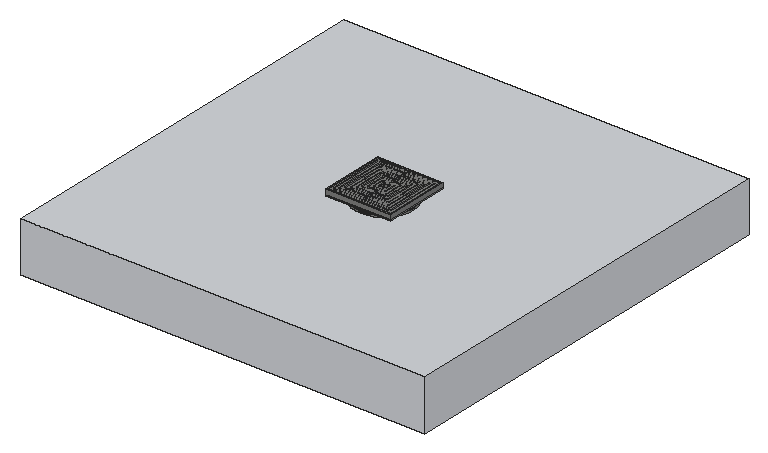
Revit family
Parameters (values of type "8"")
  Strainer Adjustment = 2.460"
  Roof Drain Material = Roof Drain
  Nominal Radius = 4.000"
  Nominal Diameter = Nominal Radius * 2  # 8.000"
  Model = "R1200-P15"
  Manufacturer = "MIFAB"
  Keynote = "WWW.MIFAB.COM"
  Description = "ROOF DRAIN"
  Default Elevation = 48.000"
  Body Height = 5.875"
Types (7): name | Nominal Radius | Nominal Diameter | Body Height
  (no name) | 4.000" | 8.000" | 5.875"
  2" | 1.000" | 2.000" | 5.437"
  3" | 1.500" | 3.000" | 5.437"
  4" | 2.000" | 4.000" | 5.437"
  5" | 2.500" | 5.000" | 5.437"
  6" | 3.000" | 6.000" | 5.875"
  8" | 4.000" | 8.000" | 5.875"
Reference planes (in)
  plane 1 "Center (Front/Back)": y = 0
  plane 2: z = 0
  plane 3 "Center (Left/Right)": x = 0
  plane 4: x = -7.75
  plane 5: x = 7.75
  plane 6: y = -7.75
  plane 7: y = 7.75
  plane 8: z = -5.875
  plane 9: x = -4
  plane 10: x = 4
  plane 11: z = 0.34444
  plane 12: z = 0.55111
  plane 13: z = 0.7873
  plane 14: z = 0.29524
  plane 15: z = 2.75524
  plane 16: z = 1.5746
  plane 17: y = 7.504
  plane 18: y = -7.504
  plane 19: x = 7.504
  plane 20: x = -7.504
Forms (in)
  Extrusion 1, solid
    sketch origin (0, 0, 0) x (1, 0, 0) y (0, 1, 0)
      loop
        line (-48, 48) -> (-48, -48) -> (48, -48) -> (48, 48) -> (-48, 48)
    from 0 to -12
  Revolve 2, solid, material "Roof Drain" <- "Roof Drain Material"
    sketch origin (0, 0, 0) x (1, 0, 0) y (0, 0, 1)
      loop
        line (-4.14875, -4.38897) -> (-4.27086, 0) -> (-6.5746, 0) -> (-6.5746, -0.25587) -> (-5, -0.25587) -> (-4.98089, -0.88571) -> (-4.39161, -0.88571) -> (-4.28861, -4.64484) -> (-4.19683, -4.64484) -> (-4.19683, -5.875) -> (-4, -5.875) -> (-4, -4.38897) -> (-4.14875, -4.38897)
      axis (0, 0) -> (0, -5.875)
    angle from 0 to 360
  Revolve 3, solid, material "Roof Drain" <- "Roof Drain Material"
    sketch origin (0, 0, 0) x (1, 0, 0) y (0, 0, 1)
      loop
        line (-7.01746, 0.34444) -> (-7.01746, 0) -> (-4.62048, 0) -> (-4.62048, 0.34444) -> (-6.45651, 0.34444) -> (-6.45651, 0.55111) -> (-6.01365, 0.55111) -> (-6.01365, 0.7873) -> (-6.77143, 0.7873) -> (-6.77143, 0.34444) -> (-7.01746, 0.34444)
      axis (0, 0.7873) -> (0, 0)
    angle from 0 to 360
  Revolve 4, solid, material "Roof Drain" <- "Roof Drain Material"
    sketch origin (0, 0, 0) x (1, 0, 0) y (0, 0, 1)
      loop
        line (-3.62222, -3.14921) -> (-3.62222, 0.43869) -> (-4.40952, 0.43869) -> (-4.40952, 0.8005) -> (-6.91396, 1.5746) -> (-7.75, 1.5746) -> (-7.75, 1.37778) -> (-7.11032, 1.37778) -> (-4.77857, 0.65706) -> (-4.77857, 0.29524) -> (-4.06508, 0.29524) -> (-4.06508, -3.14921) -> (-3.62222, -3.14921)
      axis (0, 1.5746) -> (0, -3.14921)
    angle from 0 to 360
  Extrusion 5, solid, material "Roof Drain" <- "Roof Drain Material"
    sketch origin (-7.50397, -180, 1.5746) x (-1, 0, 0) y (0, -1, 0)
      loop
        line (0.24603, -187.75) -> (0.24603, -180)
        arc (0.24603, -180) -> (-2.02389, -185.48008) -> (-7.50397, -187.75) r 7.75
        line (-7.50397, -187.75) -> (0.24603, -187.75)
      loop
        line (-7.50397, -172.25) -> (-15.25397, -172.25) -> (-15.25397, -180)
        arc (-15.25397, -180) -> (-12.98405, -174.51992) -> (-7.50397, -172.25) r 7.75
    from 0 to -0.197
  Extrusion 6, solid, material "Roof Drain" <- "Roof Drain Material"
    sketch origin (-7.50397, -180, 1.5746) x (-1, 0, 0) y (0, -1, 0)
      loop
        line (0.24603, -180) -> (0.24603, -172.25) -> (-7.50397, -172.25)
        arc (-7.50397, -172.25) -> (-2.02389, -174.51992) -> (0.24603, -180) r 7.75
      loop
        arc (-7.50397, -187.75) -> (-12.98405, -185.48008) -> (-15.25397, -180) r 7.75
        line (-15.25397, -180) -> (-15.25397, -187.75) -> (-7.50397, -187.75)
    from 0 to -0.197
  Extrusion 7, solid, material "Roof Drain" <- "Roof Drain Material"
    sketch origin (0, 0, 0) x (1, 0, 0) y (0, 1, 0)
      loop
        line (-7.75, 7.75) -> (-7.75, -7.75) -> (7.75, -7.75) -> (7.75, 7.75) -> (-7.75, 7.75)
      loop
        line (-7.504, 7.504) -> (-7.504, -7.504) -> (7.504, -7.504) -> (7.504, 7.504) -> (-7.504, 7.504)
    from 1.5746 to 2.75524
  Extrusion 8, solid, material "Roof Drain" <- "Roof Drain Material"
    sketch origin (0, 0, 0) x (1, 0, 0) y (0, 1, 0)
      loop
        line (-7.504, 7.504) -> (-7.504, -7.504) -> (7.504, -7.504) -> (7.504, 7.504) -> (-7.504, 7.504)
      loop
        line (7.209, 7.209) -> (-7.209, 7.209) -> (-7.209, -7.209) -> (7.209, -7.209) -> (7.209, 7.209)
    from 1.5746 to 2.06667
Cuts and joins
  joined: Revolve 4, Extrusion 5, Extrusion 6
Lines and regions (in)
  symbolic lines
    curve 1: line (-7.75, 7.75, 0) -> (7.75, 7.75, 0)
    curve 2: line (-7.75, 7.75, 0) -> (-7.75, -7.75, 0)
    curve 3: line (-7.504, 7.504, 0) -> (-7.504, -7.504, 0)
    curve 4: line (-7.504, 7.504, 0) -> (7.504, 7.504, 0)
    curve 5: line (-7.75, -7.75, 0) -> (7.75, -7.75, 0)
    curve 6: line (-7.504, -7.504, 0) -> (7.504, -7.504, 0)
    curve 7: line (7.75, 7.75, 0) -> (7.75, -7.75, 0)
    curve 8: line (7.504, 7.504, 0) -> (7.504, -7.504, 0)
Dimensions and locks (in)
  plane 4 to plane 3 "Center (Left/Right)" to plane 5 = 7.750" locked, 7.750" locked
  plane 6 to plane 1 "Center (Front/Back)" to plane 7 = 7.750" locked, 7.750" locked
  equal spacing: plane 9, plane 3 "Center (Left/Right)", plane 10
  "Nominal Diameter": plane 9 to plane 10
  Revolve 2 sketch curve to Revolve 2 sketch curve to plane 8 = 0.25587" locked, 1.23016" locked
  plane 3 "Center (Left/Right)" to Revolve 2 sketch curve to Revolve 2 sketch curve to Revolve 2 sketch curve to Revolve 2 sketch curve to Revolve 2 sketch curve to Revolve 2 sketch curve to Revolve 2 sketch curve = 4.14875" locked, 0.12211" locked, 0.01775" locked, 0.103" locked, 0.58928" locked, 0.01911" locked, 1.5746" locked
  locked: plane 9 to Revolve 2 sketch curve at 0.19683
  plane 13 to plane 12 to plane 11 to level = 0.23619" locked, 0.20667" locked, 0.34444" locked
  plane 3 "Center (Left/Right)" to Revolve 3 sketch curve to Revolve 3 sketch curve to Revolve 3 sketch curve to Revolve 3 sketch curve to Revolve 3 sketch curve = 4.62048" locked, 1.39317" locked, 0.44286" locked, 0.31492" locked, 0.24603" locked
  locked: level to Revolve 4 sketch curve at 3.14921
  locked: plane 16 to Revolve 4 sketch curve at 0.19683
  plane 3 "Center (Left/Right)" to Revolve 4 sketch curve to Revolve 4 sketch curve to Revolve 4 sketch curve to Revolve 4 sketch curve = 3.62222" locked, 0.44286" locked, 0.34444" locked, 0.36905" locked
  Revolve 4 sketch curve to Revolve 4 sketch curve to plane 4 = 0.19635" locked, 0.63968" locked
  "Strainer Adjustment": plane 15 to plane 14
  locked: plane 15 to plane 16 at 1.18063
  locked: plane 14 to level at 0.29524
  locked: plane 7 to plane 17 at 0.246
  locked: plane 18 to plane 6 at 0.246
  locked: plane 4 to plane 20 at 0.246
  locked: plane 19 to plane 5 at 0.246
  locked: plane 15 to nested 1 at 0.68857
  locked: plane 17 to Extrusion 8 sketch curve at 0.295
  locked: plane 18 to Extrusion 8 sketch curve at 0.295
  locked: plane 20 to Extrusion 8 sketch curve at 0.295
  locked: Extrusion 8 sketch curve to plane 19 at 0.295
  "Body Height": level to plane 8
  aligned and locked: plane 2 to Extrusion 1
  aligned and locked: level to Extrusion 1
  aligned and locked: Revolve 2 sketch curve to level
  aligned and locked: plane 9 to Revolve 2 sketch curve
  aligned and locked: Revolve 2 sketch curve to plane 8
  aligned and locked: Revolve 2 sketch curve to plane 3 "Center (Left/Right)"
  aligned and locked: level to Revolve 3 sketch curve
  aligned and locked: Revolve 3 sketch curve to plane 11  (x2)
  aligned and locked: plane 12 to Revolve 3 sketch curve
  aligned and locked: Revolve 3 sketch curve to plane 13
  aligned and locked: Revolve 3 sketch curve to plane 3 "Center (Left/Right)"
  aligned and locked: Revolve 4 sketch curve to plane 14
  aligned and locked: Revolve 4 sketch curve to plane 3 "Center (Left/Right)"
  aligned and locked: plane 7 to Extrusion 5 sketch curve
  aligned and locked: Extrusion 5 sketch curve to plane 4
  aligned and locked: Extrusion 5 sketch curve to Revolve 4  (x2)
  aligned and locked: Extrusion 5 sketch curve to plane 6
  aligned: plane 16 to Extrusion 5
  aligned and locked: Extrusion 6 sketch curve to Revolve 4  (x2)
  aligned and locked: Extrusion 6 sketch curve to plane 6
  aligned and locked: plane 7 to Extrusion 6 sketch curve
  aligned and locked: plane 5 to Extrusion 6 sketch curve
  aligned and locked: plane 7 to Extrusion 7 sketch curve
  aligned and locked: Extrusion 7 sketch curve to plane 4
  aligned and locked: plane 20 to Extrusion 7 sketch curve
  aligned and locked: Extrusion 7 sketch curve to plane 17
  aligned and locked: Extrusion 7 sketch curve to plane 19
  aligned and locked: plane 5 to Extrusion 7 sketch curve
  aligned and locked: plane 18 to Extrusion 7 sketch curve
  aligned and locked: Extrusion 7 sketch curve to plane 6
  aligned and locked: Extrusion 7 to plane 16
  aligned and locked: plane 15 to Extrusion 7
  aligned and locked: plane 3 "Center (Left/Right)" to nested 1
  aligned and locked: plane 1 "Center (Front/Back)" to nested 1
  aligned and locked: plane 20 to Extrusion 8 sketch curve
  aligned and locked: Extrusion 8 sketch curve to plane 17
  aligned and locked: Extrusion 8 sketch curve to plane 19
  aligned and locked: plane 18 to Extrusion 8 sketch curve
  aligned and locked: Extrusion 8 to plane 16
  aligned and locked: Extrusion 8 to nested 1
  aligned and locked: plane 7 to curve 1
  aligned and locked: curve 2 to plane 4
  aligned and locked: plane 20 to curve 3
  aligned and locked: curve 4 to plane 17
  aligned and locked: curve 5 to plane 6
  aligned and locked: plane 18 to curve 6
  aligned and locked: plane 5 to curve 7
  aligned and locked: curve 8 to plane 19
Automatic sketch dimensions
  Extrusion 1 sketch curve to Extrusion 1 sketch curve = 96.000"  (x2)
  Revolve 2 sketch curve to level = 0.25587"
  Revolve 2 sketch curve to Revolve 2 sketch curve = 0.62984"
  Revolve 2 sketch curve to plane 8 = 18.48889"
  level to Revolve 2 sketch curve = 102.71882"
  Revolve 3 sketch curve to plane 8 = 18.48889"
  plane 13 to Revolve 3 sketch curve = 101.93152"
  Revolve 4 sketch curve to plane 4 = 0.000"
  Revolve 4 sketch curve to plane 16 = 0.000"
  plane 12 to Revolve 4 sketch curve = 0.10595"
  plane 11 to Revolve 4 sketch curve = 0.09424"
  plane 13 to Revolve 4 sketch curve = 0.0132"
  Revolve 4 sketch curve to plane 8 = 18.48889"
  plane 15 to Revolve 4 sketch curve = 99.96327"
  Extrusion 5 sketch curve to plane 3 "Center (Left/Right)" = 0.000"
  plane 1 "Center (Front/Back)" to Extrusion 5 sketch curve = 0.000"
  Extrusion 6 sketch curve to plane 3 "Center (Left/Right)" = 0.000"  (x2)
  Extrusion 6 sketch curve to plane 4 = 0.000"
  plane 1 "Center (Front/Back)" to Extrusion 6 sketch curve = 0.000"  (x2)
Nested families (in)
  nested 1: "Family4" at (0, 0, 2.06667), type "Family4"
Connectors (in)
  piping at (0, 0, -5.875), driven by "Nominal Radius"
    settings: on Revolve 2, index 1, connector radius 4", flow factor 0, pipe flow 0 GPM, pressure drop 0.00 psi, fitting loss kfactor 0, connector angle 0.00°, fixture units 0, flow configuration 0, flow direction 0, fitting loss method 0, system type 7, connector reference index -1, connector utility 0, adjustable connector no, is connector primary yes, fitting loss table "", connector description ""
Definition of nested family "Family4"
  Parameters (values of type "Family4")
    Thickness = 0.640"
    Material = none
    Assembly Code = ""
  Reference planes (in)
    plane 1 "Center (Front/Back)": y = 0
    plane 2: z = 0
    plane 3 "Center (Left/Right)": x = 0
    plane 4: y = 7.50391
    plane 5: y = -7.50391
    plane 6: x = 7.50391
    plane 7: x = -7.50391
  Forms (in)
    Extrusion 1, solid, material <- "Material"
      sketch origin (0, 0, 0) x (1, 0, 0) y (0, 1, 0)
        loop
          line (-7.50391, 7.50391) -> (-7.50391, -7.50391) -> (7.50391, -7.50391) -> (7.50391, 7.50391) -> (-7.50391, 7.50391)
        loop
          line (-0.875, -0.25) -> (-0.875, -0.57322) -> (-0.625, -0.57322) -> (-0.625, -0.875) -> (-0.30178, -0.875) -> (-0.30178, -0.625) -> (0.30178, -0.625) -> (0.30178, -0.875) -> (0.625, -0.875) -> (0.625, -0.57322) -> (0.875, -0.57322) -> (0.875, -0.25) -> (0.625, -0.25) -> (0.625, 0.25) -> (0.875, 0.25) -> (0.875, 0.57322) -> (0.625, 0.57322) -> (0.625, 0.875) -> (0.30178, 0.875) -> (0.30178, 0.625) -> (-0.30178, 0.625) -> (-0.30178, 0.875) -> (-0.625, 0.875) -> (-0.625, 0.57322) -> (-0.875, 0.57322) -> (-0.875, 0.25) -> (-0.625, 0.25) -> (-0.625, -0.25) -> (-0.875, -0.25)
        loop
          line (-2.125, -0.125) -> (-2.375, -0.125) -> (-2.375, -1.94822) -> (-2.125, -1.94822) -> (-2.125, -0.125)
        loop
          line (-2.875, -0.125) -> (-3.125, -0.125) -> (-3.125, -2.69822) -> (-2.875, -2.69822) -> (-2.875, -0.125)
        loop
          line (-3.625, -0.125) -> (-3.875, -0.125) -> (-3.875, -3.44822) -> (-3.625, -3.44822) -> (-3.625, -0.125)
        loop
          line (-4.375, -0.125) -> (-4.625, -0.125) -> (-4.625, -4.19822) -> (-4.375, -4.19822) -> (-4.375, -0.125)
        loop
          line (-5.125, -0.125) -> (-5.375, -0.125) -> (-5.375, -4.94822) -> (-5.125, -4.94822) -> (-5.125, -0.125)
        loop
          line (-5.875, -0.125) -> (-6.125, -0.125) -> (-6.125, -5.69822) -> (-5.875, -5.69822) -> (-5.875, -0.125)
        loop
          line (-6.625, -0.125) -> (-6.875, -0.125) -> (-6.875, -6.44822) -> (-6.625, -6.44822) -> (-6.625, -0.125)
        loop
          line (-1.375, -1.19822) -> (-1.375, 1.19822) -> (-1.625, 1.19822) -> (-1.625, -1.19822) -> (-1.375, -1.19822)
        loop
          line (1.19822, -1.375) -> (-1.19822, -1.375) -> (-1.19822, -1.625) -> (1.19822, -1.625) -> (1.19822, -1.375)
        loop
          line (-0.125, -2.125) -> (-1.94822, -2.125) -> (-1.94822, -2.375) -> (-0.125, -2.375) -> (-0.125, -2.125)
        loop
          line (-0.125, -2.875) -> (-2.69822, -2.875) -> (-2.69822, -3.125) -> (-0.125, -3.125) -> (-0.125, -2.875)
        loop
          line (-0.125, -3.625) -> (-3.44822, -3.625) -> (-3.44822, -3.875) -> (-0.125, -3.875) -> (-0.125, -3.625)
        loop
          line (-0.125, -4.375) -> (-4.19822, -4.375) -> (-4.19822, -4.625) -> (-0.125, -4.625) -> (-0.125, -4.375)
        loop
          line (-0.125, -5.125) -> (-4.94822, -5.125) -> (-4.94822, -5.375) -> (-0.125, -5.375) -> (-0.125, -5.125)
        loop
          line (-0.125, -5.875) -> (-5.69822, -5.875) -> (-5.69822, -6.125) -> (-0.125, -6.125) -> (-0.125, -5.875)
        loop
          line (-0.125, -6.625) -> (-6.44822, -6.625) -> (-6.44822, -6.875) -> (-0.125, -6.875) -> (-0.125, -6.625)
        loop
          line (2.125, -0.125) -> (2.125, -1.94822) -> (2.375, -1.94822) -> (2.375, -0.125) -> (2.125, -0.125)
        loop
          line (2.875, -0.125) -> (2.875, -2.69822) -> (3.125, -2.69822) -> (3.125, -0.125) -> (2.875, -0.125)
        loop
          line (3.625, -0.125) -> (3.625, -3.44822) -> (3.875, -3.44822) -> (3.875, -0.125) -> (3.625, -0.125)
        loop
          line (4.375, -0.125) -> (4.375, -4.19822) -> (4.625, -4.19822) -> (4.625, -0.125) -> (4.375, -0.125)
        loop
          line (5.125, -0.125) -> (5.125, -4.94822) -> (5.375, -4.94822) -> (5.375, -0.125) -> (5.125, -0.125)
        loop
          line (5.875, -0.125) -> (5.875, -5.69822) -> (6.125, -5.69822) -> (6.125, -0.125) -> (5.875, -0.125)
        loop
          line (6.625, -0.125) -> (6.625, -6.44822) -> (6.875, -6.44822) -> (6.875, -0.125) -> (6.625, -0.125)
        loop
          line (1.375, -1.19822) -> (1.625, -1.19822) -> (1.625, 1.19822) -> (1.375, 1.19822) -> (1.375, -1.19822)
        loop
          line (0.125, -2.125) -> (0.125, -2.375) -> (1.94822, -2.375) -> (1.94822, -2.125) -> (0.125, -2.125)
        loop
          line (0.125, -2.875) -> (0.125, -3.125) -> (2.69822, -3.125) -> (2.69822, -2.875) -> (0.125, -2.875)
        loop
          line (0.125, -3.625) -> (0.125, -3.875) -> (3.44822, -3.875) -> (3.44822, -3.625) -> (0.125, -3.625)
        loop
          line (0.125, -4.375) -> (0.125, -4.625) -> (4.19822, -4.625) -> (4.19822, -4.375) -> (0.125, -4.375)
        loop
          line (0.125, -5.125) -> (0.125, -5.375) -> (4.94822, -5.375) -> (4.94822, -5.125) -> (0.125, -5.125)
        loop
          line (0.125, -5.875) -> (0.125, -6.125) -> (5.69822, -6.125) -> (5.69822, -5.875) -> (0.125, -5.875)
        loop
          line (0.125, -6.625) -> (0.125, -6.875) -> (6.44822, -6.875) -> (6.44822, -6.625) -> (0.125, -6.625)
        loop
          line (-2.125, 0.125) -> (-2.125, 1.94822) -> (-2.375, 1.94822) -> (-2.375, 0.125) -> (-2.125, 0.125)
        loop
          line (-2.875, 0.125) -> (-2.875, 2.69822) -> (-3.125, 2.69822) -> (-3.125, 0.125) -> (-2.875, 0.125)
        loop
          line (-3.625, 0.125) -> (-3.625, 3.44822) -> (-3.875, 3.44822) -> (-3.875, 0.125) -> (-3.625, 0.125)
        loop
          line (-4.375, 0.125) -> (-4.375, 4.19822) -> (-4.625, 4.19822) -> (-4.625, 0.125) -> (-4.375, 0.125)
        loop
          line (-5.125, 0.125) -> (-5.125, 4.94822) -> (-5.375, 4.94822) -> (-5.375, 0.125) -> (-5.125, 0.125)
        loop
          line (-5.875, 0.125) -> (-5.875, 5.69822) -> (-6.125, 5.69822) -> (-6.125, 0.125) -> (-5.875, 0.125)
        loop
          line (-6.625, 0.125) -> (-6.625, 6.44822) -> (-6.875, 6.44822) -> (-6.875, 0.125) -> (-6.625, 0.125)
        loop
          line (1.19822, 1.375) -> (1.19822, 1.625) -> (-1.19822, 1.625) -> (-1.19822, 1.375) -> (1.19822, 1.375)
        loop
          line (-0.125, 2.125) -> (-0.125, 2.375) -> (-1.94822, 2.375) -> (-1.94822, 2.125) -> (-0.125, 2.125)
        loop
          line (-0.125, 2.875) -> (-0.125, 3.125) -> (-2.69822, 3.125) -> (-2.69822, 2.875) -> (-0.125, 2.875)
        loop
          line (-0.125, 3.625) -> (-0.125, 3.875) -> (-3.44822, 3.875) -> (-3.44822, 3.625) -> (-0.125, 3.625)
        loop
          line (-0.125, 4.375) -> (-0.125, 4.625) -> (-4.19822, 4.625) -> (-4.19822, 4.375) -> (-0.125, 4.375)
        loop
          line (-0.125, 5.125) -> (-0.125, 5.375) -> (-4.94822, 5.375) -> (-4.94822, 5.125) -> (-0.125, 5.125)
        loop
          line (-0.125, 5.875) -> (-0.125, 6.125) -> (-5.69822, 6.125) -> (-5.69822, 5.875) -> (-0.125, 5.875)
        loop
          line (-0.125, 6.625) -> (-0.125, 6.875) -> (-6.44822, 6.875) -> (-6.44822, 6.625) -> (-0.125, 6.625)
        loop
          line (2.125, 0.125) -> (2.375, 0.125) -> (2.375, 1.94822) -> (2.125, 1.94822) -> (2.125, 0.125)
        loop
          line (2.875, 0.125) -> (3.125, 0.125) -> (3.125, 2.69822) -> (2.875, 2.69822) -> (2.875, 0.125)
        loop
          line (3.625, 0.125) -> (3.875, 0.125) -> (3.875, 3.44822) -> (3.625, 3.44822) -> (3.625, 0.125)
        loop
          line (4.375, 0.125) -> (4.625, 0.125) -> (4.625, 4.19822) -> (4.375, 4.19822) -> (4.375, 0.125)
        loop
          line (5.125, 0.125) -> (5.375, 0.125) -> (5.375, 4.94822) -> (5.125, 4.94822) -> (5.125, 0.125)
        loop
          line (5.875, 0.125) -> (6.125, 0.125) -> (6.125, 5.69822) -> (5.875, 5.69822) -> (5.875, 0.125)
        loop
          line (6.625, 0.125) -> (6.875, 0.125) -> (6.875, 6.44822) -> (6.625, 6.44822) -> (6.625, 0.125)
        loop
          line (0.125, 2.125) -> (1.94822, 2.125) -> (1.94822, 2.375) -> (0.125, 2.375) -> (0.125, 2.125)
        loop
          line (0.125, 2.875) -> (2.69822, 2.875) -> (2.69822, 3.125) -> (0.125, 3.125) -> (0.125, 2.875)
        loop
          line (0.125, 3.625) -> (3.44822, 3.625) -> (3.44822, 3.875) -> (0.125, 3.875) -> (0.125, 3.625)
        loop
          line (0.125, 4.375) -> (4.19822, 4.375) -> (4.19822, 4.625) -> (0.125, 4.625) -> (0.125, 4.375)
        loop
          line (0.125, 5.125) -> (4.94822, 5.125) -> (4.94822, 5.375) -> (0.125, 5.375) -> (0.125, 5.125)
        loop
          line (0.125, 5.875) -> (5.69822, 5.875) -> (5.69822, 6.125) -> (0.125, 6.125) -> (0.125, 5.875)
        loop
          line (0.125, 6.625) -> (6.44822, 6.625) -> (6.44822, 6.875) -> (0.125, 6.875) -> (0.125, 6.625)
      from 0 to 0.64 <- "Thickness"
  Lines and regions (in)
    symbolic lines
      curve 1: line (-0.30178, 0.625, 0) -> (0.30178, 0.625, 0)
      curve 2: line (0.30178, 0.625, 0) -> (0.30178, 0.875, 0)
      curve 3: line (0.30178, 0.875, 0) -> (0.625, 0.875, 0)
      curve 4: line (0.625, 0.875, 0) -> (0.625, 0.57322, 0)
      curve 5: line (0.625, 0.57322, 0) -> (0.875, 0.57322, 0)
      curve 6: line (0.875, 0.57322, 0) -> (0.875, 0.25, 0)
      curve 7: line (0.875, 0.25, 0) -> (0.625, 0.25, 0)
      curve 8: line (0.625, 0.25, 0) -> (0.625, -0.25, 0)
      curve 9: line (0.625, -0.25, 0) -> (0.875, -0.25, 0)
      curve 10: line (0.875, -0.25, 0) -> (0.875, -0.57322, 0)
      curve 11: line (0.875, -0.57322, 0) -> (0.625, -0.57322, 0)
      curve 12: line (0.625, -0.57322, 0) -> (0.625, -0.875, 0)
      curve 13: line (0.625, -0.875, 0) -> (0.30178, -0.875, 0)
      curve 14: line (0.30178, -0.875, 0) -> (0.30178, -0.625, 0)
      curve 15: line (0.30178, -0.625, 0) -> (-0.30178, -0.625, 0)
      curve 16: line (-0.30178, -0.625, 0) -> (-0.30178, -0.875, 0)
      curve 17: line (-0.30178, -0.875, 0) -> (-0.625, -0.875, 0)
      curve 18: line (-0.625, -0.875, 0) -> (-0.625, -0.57322, 0)
      curve 19: line (-0.625, -0.57322, 0) -> (-0.875, -0.57322, 0)
      curve 20: line (-0.875, -0.57322, 0) -> (-0.875, -0.25, 0)
      curve 21: line (-0.875, -0.25, 0) -> (-0.625, -0.25, 0)
      curve 22: line (-0.625, -0.25, 0) -> (-0.625, 0.25, 0)
      curve 23: line (-0.625, 0.25, 0) -> (-0.875, 0.25, 0)
      curve 24: line (-0.875, 0.25, 0) -> (-0.875, 0.57322, 0)
      curve 25: line (-0.875, 0.57322, 0) -> (-0.625, 0.57322, 0)
      curve 26: line (-0.625, 0.57322, 0) -> (-0.625, 0.875, 0)
      curve 27: line (-0.625, 0.875, 0) -> (-0.30178, 0.875, 0)
      curve 28: line (-0.30178, 0.875, 0) -> (-0.30178, 0.625, 0)
      curve 29: line (1.19822, 1.375, 0) -> (-1.19822, 1.375, 0)
      curve 30: line (-1.19822, 1.375, 0) -> (-1.19822, 1.625, 0)
      curve 31: line (-1.19822, 1.625, 0) -> (1.19822, 1.625, 0)
      curve 32: line (1.19822, 1.625, 0) -> (1.19822, 1.375, 0)
      curve 33: line (1.94822, 2.125, 0) -> (0.125, 2.125, 0)
      curve 34: line (0.125, 2.125, 0) -> (0.125, 2.375, 0)
      curve 35: line (0.125, 2.375, 0) -> (1.94822, 2.375, 0)
      curve 36: line (1.94822, 2.375, 0) -> (1.94822, 2.125, 0)
      curve 37: line (0.125, 3.125, 0) -> (2.69822, 3.125, 0)
      curve 38: line (0.125, 2.875, 0) -> (0.125, 3.125, 0)
      curve 39: line (2.69822, 2.875, 0) -> (0.125, 2.875, 0)
      curve 40: line (2.69822, 3.125, 0) -> (2.69822, 2.875, 0)
      curve 41: line (3.44822, 3.625, 0) -> (0.125, 3.625, 0)
      curve 42: line (3.44822, 3.875, 0) -> (3.44822, 3.625, 0)
      curve 43: line (0.125, 3.875, 0) -> (3.44822, 3.875, 0)
      curve 44: line (0.125, 3.625, 0) -> (0.125, 3.875, 0)
      curve 45: line (0.125, 4.625, 0) -> (4.19822, 4.625, 0)
      curve 46: line (0.125, 4.375, 0) -> (0.125, 4.625, 0)
      curve 47: line (4.19822, 4.375, 0) -> (0.125, 4.375, 0)
      curve 48: line (4.19822, 4.625, 0) -> (4.19822, 4.375, 0)
      curve 49: line (0.125, 5.375, 0) -> (4.94822, 5.375, 0)
      curve 50: line (0.125, 5.125, 0) -> (0.125, 5.375, 0)
      curve 51: line (4.94822, 5.125, 0) -> (0.125, 5.125, 0)
      curve 52: line (4.94822, 5.375, 0) -> (4.94822, 5.125, 0)
      curve 53: line (5.69822, 5.875, 0) -> (0.125, 5.875, 0)
      curve 54: line (5.69822, 6.125, 0) -> (5.69822, 5.875, 0)
      curve 55: line (0.125, 6.125, 0) -> (5.69822, 6.125, 0)
      curve 56: line (0.125, 5.875, 0) -> (0.125, 6.125, 0)
      curve 57: line (0.125, 6.875, 0) -> (6.44822, 6.875, 0)
      curve 58: line (0.125, 6.625, 0) -> (0.125, 6.875, 0)
      curve 59: line (6.44822, 6.625, 0) -> (0.125, 6.625, 0)
      curve 60: line (6.44822, 6.875, 0) -> (6.44822, 6.625, 0)
      curve 61: line (1.375, 1.19822, 0) -> (1.375, -1.19822, 0)
      curve 62: line (1.375, -1.19822, 0) -> (1.625, -1.19822, 0)
      curve 63: line (1.625, -1.19822, 0) -> (1.625, 1.19822, 0)
      curve 64: line (1.625, 1.19822, 0) -> (1.375, 1.19822, 0)
      curve 65: line (2.125, 1.94822, 0) -> (2.125, 0.125, 0)
      curve 66: line (2.125, 0.125, 0) -> (2.375, 0.125, 0)
      curve 67: line (2.375, 0.125, 0) -> (2.375, 1.94822, 0)
      curve 68: line (2.375, 1.94822, 0) -> (2.125, 1.94822, 0)
      curve 69: line (3.125, 0.125, 0) -> (3.125, 2.69822, 0)
      curve 70: line (2.875, 0.125, 0) -> (3.125, 0.125, 0)
      curve 71: line (2.875, 2.69822, 0) -> (2.875, 0.125, 0)
      curve 72: line (3.125, 2.69822, 0) -> (2.875, 2.69822, 0)
      curve 73: line (3.625, 3.44822, 0) -> (3.625, 0.125, 0)
      curve 74: line (3.875, 3.44822, 0) -> (3.625, 3.44822, 0)
      curve 75: line (3.875, 0.125, 0) -> (3.875, 3.44822, 0)
      curve 76: line (3.625, 0.125, 0) -> (3.875, 0.125, 0)
      curve 77: line (4.625, 0.125, 0) -> (4.625, 4.19822, 0)
      curve 78: line (4.375, 0.125, 0) -> (4.625, 0.125, 0)
      curve 79: line (4.375, 4.19822, 0) -> (4.375, 0.125, 0)
      curve 80: line (4.625, 4.19822, 0) -> (4.375, 4.19822, 0)
      curve 81: line (5.375, 0.125, 0) -> (5.375, 4.94822, 0)
      curve 82: line (5.125, 0.125, 0) -> (5.375, 0.125, 0)
      curve 83: line (5.125, 4.94822, 0) -> (5.125, 0.125, 0)
      curve 84: line (5.375, 4.94822, 0) -> (5.125, 4.94822, 0)
      curve 85: line (5.875, 5.69822, 0) -> (5.875, 0.125, 0)
      curve 86: line (6.125, 5.69822, 0) -> (5.875, 5.69822, 0)
      curve 87: line (6.125, 0.125, 0) -> (6.125, 5.69822, 0)
      curve 88: line (5.875, 0.125, 0) -> (6.125, 0.125, 0)
      curve 89: line (6.875, 0.125, 0) -> (6.875, 6.44822, 0)
      curve 90: line (6.625, 0.125, 0) -> (6.875, 0.125, 0)
      curve 91: line (6.625, 6.44822, 0) -> (6.625, 0.125, 0)
      curve 92: line (6.875, 6.44822, 0) -> (6.625, 6.44822, 0)
      curve 93: line (1.94822, -2.125, 0) -> (0.125, -2.125, 0)
      curve 94: line (0.125, -2.125, 0) -> (0.125, -2.375, 0)
      curve 95: line (0.125, -2.375, 0) -> (1.94822, -2.375, 0)
      curve 96: line (1.94822, -2.375, 0) -> (1.94822, -2.125, 0)
      curve 97: line (0.125, -3.125, 0) -> (2.69822, -3.125, 0)
      curve 98: line (0.125, -2.875, 0) -> (0.125, -3.125, 0)
      curve 99: line (2.69822, -2.875, 0) -> (0.125, -2.875, 0)
      curve 100: line (2.69822, -3.125, 0) -> (2.69822, -2.875, 0)
      curve 101: line (3.44822, -3.625, 0) -> (0.125, -3.625, 0)
      curve 102: line (3.44822, -3.875, 0) -> (3.44822, -3.625, 0)
      curve 103: line (0.125, -3.875, 0) -> (3.44822, -3.875, 0)
      curve 104: line (0.125, -3.625, 0) -> (0.125, -3.875, 0)
      curve 105: line (0.125, -4.625, 0) -> (4.19822, -4.625, 0)
      curve 106: line (0.125, -4.375, 0) -> (0.125, -4.625, 0)
      curve 107: line (4.19822, -4.375, 0) -> (0.125, -4.375, 0)
      curve 108: line (4.19822, -4.625, 0) -> (4.19822, -4.375, 0)
      curve 109: line (0.125, -5.375, 0) -> (4.94822, -5.375, 0)
      curve 110: line (0.125, -5.125, 0) -> (0.125, -5.375, 0)
      curve 111: line (4.94822, -5.125, 0) -> (0.125, -5.125, 0)
      curve 112: line (4.94822, -5.375, 0) -> (4.94822, -5.125, 0)
      curve 113: line (5.69822, -5.875, 0) -> (0.125, -5.875, 0)
      curve 114: line (5.69822, -6.125, 0) -> (5.69822, -5.875, 0)
      curve 115: line (0.125, -6.125, 0) -> (5.69822, -6.125, 0)
      curve 116: line (0.125, -5.875, 0) -> (0.125, -6.125, 0)
      curve 117: line (0.125, -6.875, 0) -> (6.44822, -6.875, 0)
      curve 118: line (0.125, -6.625, 0) -> (0.125, -6.875, 0)
      curve 119: line (6.44822, -6.625, 0) -> (0.125, -6.625, 0)
      curve 120: line (6.44822, -6.875, 0) -> (6.44822, -6.625, 0)
      curve 121: line (2.125, -1.94822, 0) -> (2.125, -0.125, 0)
      curve 122: line (2.125, -0.125, 0) -> (2.375, -0.125, 0)
      curve 123: line (2.375, -0.125, 0) -> (2.375, -1.94822, 0)
      curve 124: line (2.375, -1.94822, 0) -> (2.125, -1.94822, 0)
      curve 125: line (3.125, -0.125, 0) -> (3.125, -2.69822, 0)
      curve 126: line (2.875, -0.125, 0) -> (3.125, -0.125, 0)
      curve 127: line (2.875, -2.69822, 0) -> (2.875, -0.125, 0)
      curve 128: line (3.125, -2.69822, 0) -> (2.875, -2.69822, 0)
      curve 129: line (3.625, -3.44822, 0) -> (3.625, -0.125, 0)
      curve 130: line (3.875, -3.44822, 0) -> (3.625, -3.44822, 0)
      curve 131: line (3.875, -0.125, 0) -> (3.875, -3.44822, 0)
      curve 132: line (3.625, -0.125, 0) -> (3.875, -0.125, 0)
      curve 133: line (4.625, -0.125, 0) -> (4.625, -4.19822, 0)
      curve 134: line (4.375, -0.125, 0) -> (4.625, -0.125, 0)
      curve 135: line (4.375, -4.19822, 0) -> (4.375, -0.125, 0)
      curve 136: line (4.625, -4.19822, 0) -> (4.375, -4.19822, 0)
      curve 137: line (5.375, -0.125, 0) -> (5.375, -4.94822, 0)
      curve 138: line (5.125, -0.125, 0) -> (5.375, -0.125, 0)
      curve 139: line (5.125, -4.94822, 0) -> (5.125, -0.125, 0)
      curve 140: line (5.375, -4.94822, 0) -> (5.125, -4.94822, 0)
      curve 141: line (5.875, -5.69822, 0) -> (5.875, -0.125, 0)
      curve 142: line (6.125, -5.69822, 0) -> (5.875, -5.69822, 0)
      curve 143: line (6.125, -0.125, 0) -> (6.125, -5.69822, 0)
      curve 144: line (5.875, -0.125, 0) -> (6.125, -0.125, 0)
      curve 145: line (6.875, -0.125, 0) -> (6.875, -6.44822, 0)
      curve 146: line (6.625, -0.125, 0) -> (6.875, -0.125, 0)
      curve 147: line (6.625, -6.44822, 0) -> (6.625, -0.125, 0)
      curve 148: line (6.875, -6.44822, 0) -> (6.625, -6.44822, 0)
      curve 149: line (-1.94822, -2.125, 0) -> (-0.125, -2.125, 0)
      curve 150: line (-0.125, -2.125, 0) -> (-0.125, -2.375, 0)
      curve 151: line (-0.125, -2.375, 0) -> (-1.94822, -2.375, 0)
      curve 152: line (-1.94822, -2.375, 0) -> (-1.94822, -2.125, 0)
      curve 153: line (-0.125, -3.125, 0) -> (-2.69822, -3.125, 0)
      curve 154: line (-0.125, -2.875, 0) -> (-0.125, -3.125, 0)
      curve 155: line (-2.69822, -2.875, 0) -> (-0.125, -2.875, 0)
      curve 156: line (-2.69822, -3.125, 0) -> (-2.69822, -2.875, 0)
      curve 157: line (-3.44822, -3.625, 0) -> (-0.125, -3.625, 0)
      curve 158: line (-3.44822, -3.875, 0) -> (-3.44822, -3.625, 0)
      curve 159: line (-0.125, -3.875, 0) -> (-3.44822, -3.875, 0)
      curve 160: line (-0.125, -3.625, 0) -> (-0.125, -3.875, 0)
      curve 161: line (-0.125, -4.625, 0) -> (-4.19822, -4.625, 0)
      curve 162: line (-0.125, -4.375, 0) -> (-0.125, -4.625, 0)
      curve 163: line (-4.19822, -4.375, 0) -> (-0.125, -4.375, 0)
      curve 164: line (-4.19822, -4.625, 0) -> (-4.19822, -4.375, 0)
      curve 165: line (-0.125, -5.375, 0) -> (-4.94822, -5.375, 0)
      curve 166: line (-0.125, -5.125, 0) -> (-0.125, -5.375, 0)
      curve 167: line (-4.94822, -5.125, 0) -> (-0.125, -5.125, 0)
      curve 168: line (-4.94822, -5.375, 0) -> (-4.94822, -5.125, 0)
      curve 169: line (-5.69822, -5.875, 0) -> (-0.125, -5.875, 0)
      curve 170: line (-5.69822, -6.125, 0) -> (-5.69822, -5.875, 0)
      curve 171: line (-0.125, -6.125, 0) -> (-5.69822, -6.125, 0)
      curve 172: line (-0.125, -5.875, 0) -> (-0.125, -6.125, 0)
      curve 173: line (-0.125, -6.875, 0) -> (-6.44822, -6.875, 0)
      curve 174: line (-0.125, -6.625, 0) -> (-0.125, -6.875, 0)
      curve 175: line (-6.44822, -6.625, 0) -> (-0.125, -6.625, 0)
      curve 176: line (-6.44822, -6.875, 0) -> (-6.44822, -6.625, 0)
      curve 177: line (-2.125, -1.94822, 0) -> (-2.125, -0.125, 0)
      curve 178: line (-2.125, -0.125, 0) -> (-2.375, -0.125, 0)
      curve 179: line (-2.375, -0.125, 0) -> (-2.375, -1.94822, 0)
      curve 180: line (-2.375, -1.94822, 0) -> (-2.125, -1.94822, 0)
      curve 181: line (-3.125, -0.125, 0) -> (-3.125, -2.69822, 0)
      curve 182: line (-2.875, -0.125, 0) -> (-3.125, -0.125, 0)
      curve 183: line (-2.875, -2.69822, 0) -> (-2.875, -0.125, 0)
      curve 184: line (-3.125, -2.69822, 0) -> (-2.875, -2.69822, 0)
      curve 185: line (-3.625, -3.44822, 0) -> (-3.625, -0.125, 0)
      curve 186: line (-3.875, -3.44822, 0) -> (-3.625, -3.44822, 0)
      curve 187: line (-3.875, -0.125, 0) -> (-3.875, -3.44822, 0)
      curve 188: line (-3.625, -0.125, 0) -> (-3.875, -0.125, 0)
      curve 189: line (-4.625, -0.125, 0) -> (-4.625, -4.19822, 0)
      curve 190: line (-4.375, -0.125, 0) -> (-4.625, -0.125, 0)
      curve 191: line (-4.375, -4.19822, 0) -> (-4.375, -0.125, 0)
      curve 192: line (-4.625, -4.19822, 0) -> (-4.375, -4.19822, 0)
      curve 193: line (-5.375, -0.125, 0) -> (-5.375, -4.94822, 0)
      curve 194: line (-5.125, -0.125, 0) -> (-5.375, -0.125, 0)
      curve 195: line (-5.125, -4.94822, 0) -> (-5.125, -0.125, 0)
      curve 196: line (-5.375, -4.94822, 0) -> (-5.125, -4.94822, 0)
      curve 197: line (-5.875, -5.69822, 0) -> (-5.875, -0.125, 0)
      curve 198: line (-6.125, -5.69822, 0) -> (-5.875, -5.69822, 0)
      curve 199: line (-6.125, -0.125, 0) -> (-6.125, -5.69822, 0)
      curve 200: line (-5.875, -0.125, 0) -> (-6.125, -0.125, 0)
      curve 201: line (-6.875, -0.125, 0) -> (-6.875, -6.44822, 0)
      curve 202: line (-6.625, -0.125, 0) -> (-6.875, -0.125, 0)
      curve 203: line (-6.625, -6.44822, 0) -> (-6.625, -0.125, 0)
      curve 204: line (-6.875, -6.44822, 0) -> (-6.625, -6.44822, 0)
      curve 205: line (-1.94822, 2.125, 0) -> (-0.125, 2.125, 0)
      curve 206: line (-0.125, 2.125, 0) -> (-0.125, 2.375, 0)
      curve 207: line (-0.125, 2.375, 0) -> (-1.94822, 2.375, 0)
      curve 208: line (-1.94822, 2.375, 0) -> (-1.94822, 2.125, 0)
      curve 209: line (-0.125, 3.125, 0) -> (-2.69822, 3.125, 0)
      curve 210: line (-0.125, 2.875, 0) -> (-0.125, 3.125, 0)
      curve 211: line (-2.69822, 2.875, 0) -> (-0.125, 2.875, 0)
      curve 212: line (-2.69822, 3.125, 0) -> (-2.69822, 2.875, 0)
      curve 213: line (-3.44822, 3.625, 0) -> (-0.125, 3.625, 0)
      curve 214: line (-3.44822, 3.875, 0) -> (-3.44822, 3.625, 0)
      curve 215: line (-0.125, 3.875, 0) -> (-3.44822, 3.875, 0)
      curve 216: line (-0.125, 3.625, 0) -> (-0.125, 3.875, 0)
      curve 217: line (-0.125, 4.625, 0) -> (-4.19822, 4.625, 0)
      curve 218: line (-0.125, 4.375, 0) -> (-0.125, 4.625, 0)
      curve 219: line (-4.19822, 4.375, 0) -> (-0.125, 4.375, 0)
      curve 220: line (-4.19822, 4.625, 0) -> (-4.19822, 4.375, 0)
      curve 221: line (-0.125, 5.375, 0) -> (-4.94822, 5.375, 0)
      curve 222: line (-0.125, 5.125, 0) -> (-0.125, 5.375, 0)
      curve 223: line (-4.94822, 5.125, 0) -> (-0.125, 5.125, 0)
      curve 224: line (-4.94822, 5.375, 0) -> (-4.94822, 5.125, 0)
      curve 225: line (-5.69822, 5.875, 0) -> (-0.125, 5.875, 0)
      curve 226: line (-5.69822, 6.125, 0) -> (-5.69822, 5.875, 0)
      curve 227: line (-0.125, 6.125, 0) -> (-5.69822, 6.125, 0)
      curve 228: line (-0.125, 5.875, 0) -> (-0.125, 6.125, 0)
      curve 229: line (-0.125, 6.875, 0) -> (-6.44822, 6.875, 0)
      curve 230: line (-0.125, 6.625, 0) -> (-0.125, 6.875, 0)
      curve 231: line (-6.44822, 6.625, 0) -> (-0.125, 6.625, 0)
      curve 232: line (-6.44822, 6.875, 0) -> (-6.44822, 6.625, 0)
      curve 233: line (-2.125, 1.94822, 0) -> (-2.125, 0.125, 0)
      curve 234: line (-2.125, 0.125, 0) -> (-2.375, 0.125, 0)
      curve 235: line (-2.375, 0.125, 0) -> (-2.375, 1.94822, 0)
      curve 236: line (-2.375, 1.94822, 0) -> (-2.125, 1.94822, 0)
      curve 237: line (-3.125, 0.125, 0) -> (-3.125, 2.69822, 0)
      curve 238: line (-2.875, 0.125, 0) -> (-3.125, 0.125, 0)
      curve 239: line (-2.875, 2.69822, 0) -> (-2.875, 0.125, 0)
      curve 240: line (-3.125, 2.69822, 0) -> (-2.875, 2.69822, 0)
      curve 241: line (-3.625, 3.44822, 0) -> (-3.625, 0.125, 0)
      curve 242: line (-3.875, 3.44822, 0) -> (-3.625, 3.44822, 0)
      curve 243: line (-3.875, 0.125, 0) -> (-3.875, 3.44822, 0)
      curve 244: line (-3.625, 0.125, 0) -> (-3.875, 0.125, 0)
      curve 245: line (-4.625, 0.125, 0) -> (-4.625, 4.19822, 0)
      curve 246: line (-4.375, 0.125, 0) -> (-4.625, 0.125, 0)
      curve 247: line (-4.375, 4.19822, 0) -> (-4.375, 0.125, 0)
      curve 248: line (-4.625, 4.19822, 0) -> (-4.375, 4.19822, 0)
      curve 249: line (-5.375, 0.125, 0) -> (-5.375, 4.94822, 0)
      curve 250: line (-5.125, 0.125, 0) -> (-5.375, 0.125, 0)
      curve 251: line (-5.125, 4.94822, 0) -> (-5.125, 0.125, 0)
      curve 252: line (-5.375, 4.94822, 0) -> (-5.125, 4.94822, 0)
      curve 253: line (-5.875, 5.69822, 0) -> (-5.875, 0.125, 0)
      curve 254: line (-6.125, 5.69822, 0) -> (-5.875, 5.69822, 0)
      curve 255: line (-6.125, 0.125, 0) -> (-6.125, 5.69822, 0)
      curve 256: line (-5.875, 0.125, 0) -> (-6.125, 0.125, 0)
      curve 257: line (-6.875, 0.125, 0) -> (-6.875, 6.44822, 0)
      curve 258: line (-6.625, 0.125, 0) -> (-6.875, 0.125, 0)
      curve 259: line (-6.625, 6.44822, 0) -> (-6.625, 0.125, 0)
      curve 260: line (-6.875, 6.44822, 0) -> (-6.625, 6.44822, 0)
      curve 261: line (1.19822, -1.375, 0) -> (-1.19822, -1.375, 0)
      curve 262: line (-1.19822, -1.375, 0) -> (-1.19822, -1.625, 0)
      curve 263: line (-1.19822, -1.625, 0) -> (1.19822, -1.625, 0)
      curve 264: line (1.19822, -1.625, 0) -> (1.19822, -1.375, 0)
      curve 265: line (-1.375, 1.19822, 0) -> (-1.375, -1.19822, 0)
      curve 266: line (-1.375, -1.19822, 0) -> (-1.625, -1.19822, 0)
      curve 267: line (-1.625, -1.19822, 0) -> (-1.625, 1.19822, 0)
      curve 268: line (-1.625, 1.19822, 0) -> (-1.375, 1.19822, 0)
  Dimensions and locks (in)
    aligned and locked: plane 2 to level
    aligned and locked: Extrusion 1 sketch curve to plane 4
    aligned and locked: plane 7 to Extrusion 1 sketch curve
    aligned and locked: Extrusion 1 sketch curve to plane 6
    aligned and locked: plane 5 to Extrusion 1 sketch curve
